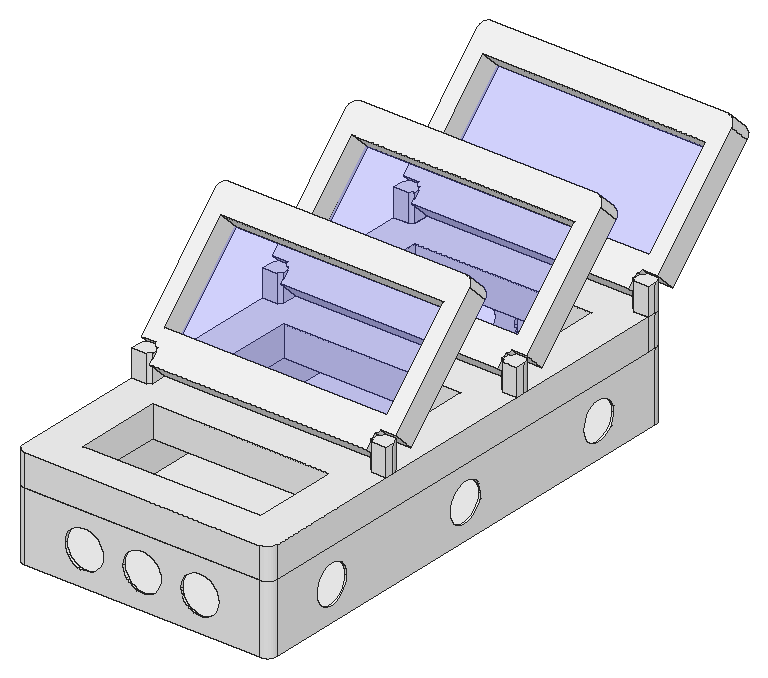
Revit family "Domotics-DomesticRanges-GEWISS-27COMBI_SYSTEM-IP55_4P+4P+4P", category Apparecchi elettrici, host Superficie, Revit 2016 (continued)
Definition of nested family "SYSTEM COMBI CONTENITORI IP55 4+4+4P_BASE"
  Automatic sketch dimensions
    plane 1 "Centro (Fronte/Retro)" to Extrusion 21 sketch curve = 17.643 mm
    plane 7 to Extrusion 21 sketch curve = 15.643 mm
    Masking region 8 sketch curve to plane 12 = 0 mm
    Masking region 8 sketch curve to plane 13 = 0 mm
    plane 4 to Masking region 8 sketch curve = 9.586 mm
    plane 4 to Masking region 8 sketch curve = 8.283 mm
    Masking region 8 sketch curve to plane 5 = 9.586 mm
    Masking region 8 sketch curve to plane 5 = 8.283 mm
    plane 7 to Masking region 8 sketch curve = 15.643 mm
    Masking region 8 sketch curve to Masking region 8 sketch curve = 3.357 mm
    plane 1 "Centro (Fronte/Retro)" to Masking region 8 sketch curve = 21 mm
    plane 1 "Centro (Fronte/Retro)" to Masking region 8 sketch curve = 9.475 mm
    plane 1 "Centro (Fronte/Retro)" to Extrusion 23 sketch curve = 0 mm
    Extrusion 23 sketch curve to plane 4 = 0 mm
    plane 1 "Centro (Fronte/Retro)" to Extrusion 23 sketch curve = 5 mm
    Extrusion 23 sketch curve to Extrusion 23 sketch curve = 2.585 mm
    Extrusion 23 sketch curve to Extrusion 23 sketch curve = 1.89 mm
    Extrusion 23 sketch curve to Extrusion 23 sketch curve = 2.696 mm
    plane 1 "Centro (Fronte/Retro)" to Extrusion 24 sketch curve = 0 mm
    Extrusion 24 sketch curve to plane 5 = 0 mm
    Extrusion 24 sketch curve to plane 1 "Centro (Fronte/Retro)" = 5 mm
    Extrusion 24 sketch curve to Extrusion 24 sketch curve = 2.585 mm
    Extrusion 24 sketch curve to Extrusion 24 sketch curve = 1.89 mm
    Extrusion 24 sketch curve to Extrusion 24 sketch curve = 2.696 mm
    Masking region 9 sketch curve to plane 7 = 0 mm
    Masking region 9 sketch curve to plane 4 = 0 mm
    Masking region 9 sketch curve to plane 5 = 0 mm
    Masking region 9 sketch curve to plane 12 = 0 mm
    Masking region 9 sketch curve to plane 13 = 0 mm
    Masking region 9 sketch curve to plane 19 = 0 mm
    Masking region 9 sketch curve to plane 7 = 5 mm
    Masking region 9 sketch curve to Masking region 9 sketch curve = 5 mm
    Masking region 9 sketch curve to plane 7 = 21 mm
    plane 19 to Masking region 9 sketch curve = 19 mm
    plane 19 to Masking region 9 sketch curve = 5 mm  (x2)
    Masking region 10 sketch curve to Masking region 10 sketch curve = 0 mm  (x4)
    Masking region 10 sketch curve to plane 4 = 0 mm
    Masking region 10 sketch curve to plane 7 = 0 mm  (x2)
    Masking region 10 sketch curve to plane 19 = 0 mm  (x2)
    Masking region 10 sketch curve to plane 12 = 0 mm  (x2)
    Masking region 10 sketch curve to plane 5 = 0 mm
    plane 4 to Masking region 10 sketch curve = 5 mm
    Masking region 10 sketch curve to Masking region 10 sketch curve = 2.696 mm
    Masking region 10 sketch curve to Masking region 10 sketch curve = 1.89 mm  (x2)
    Masking region 10 sketch curve to Masking region 10 sketch curve = 2 mm  (x2)
    plane 12 to Masking region 10 sketch curve = 2 mm
    Masking region 10 sketch curve to plane 13 = 2.004 mm
    Masking region 10 sketch curve to plane 13 = 0.004 mm  (x2)
    plane 13 to Masking region 10 sketch curve = 1.996 mm
    Masking region 10 sketch curve to plane 5 = 9.586 mm
    Masking region 10 sketch curve to Masking region 10 sketch curve = 4.586 mm
    plane 19 to Masking region 10 sketch curve = 2.753 mm
    Masking region 10 sketch curve to Masking region 10 sketch curve = 4.475 mm  (x2)
    Extrusion 25 sketch curve to plane 7 = 0 mm
    Extrusion 25 sketch curve to plane 4 = 0 mm
    Extrusion 25 sketch curve to plane 5 = 0 mm
    Extrusion 25 sketch curve to plane 19 = 0 mm
    Extrusion 25 sketch curve to Extrusion 25 sketch curve = 7.585 mm  (x2)
    Extrusion 25 sketch curve to plane 7 = 9.475 mm
    Extrusion 25 sketch curve to Extrusion 25 sketch curve = 1.89 mm
    Extrusion 25 sketch curve to Extrusion 25 sketch curve = 8.168 mm
    plane 19 to Extrusion 25 sketch curve = 15.643 mm
    plane 19 to Extrusion 25 sketch curve = 5 mm
    Extrusion 25 sketch curve to plane 5 = 5 mm
    Extrusion 25 sketch curve to Extrusion 25 sketch curve = 7.696 mm
    Extrusion 25 sketch curve to Extrusion 25 sketch curve = 0.587 mm
    Extrusion 25 sketch curve to plane 5 = 9.586 mm
    Extrusion 25 sketch curve to plane 5 = 8.283 mm
    Extrusion 26 sketch curve to plane 7 = 17.643 mm
    plane 19 to Extrusion 26 sketch curve = 15.643 mm
    Masking region 11 sketch curve to plane 13 = 0 mm
    Masking region 11 sketch curve to plane 12 = 0 mm
    Masking region 11 sketch curve to plane 7 = 21 mm
    plane 19 to Masking region 11 sketch curve = 19 mm
    Masking region 12 sketch curve to plane 12 = 0 mm
    Masking region 12 sketch curve to plane 13 = 0 mm
    plane 4 to Masking region 12 sketch curve = 9.586 mm
    plane 4 to Masking region 12 sketch curve = 8.283 mm
    Masking region 12 sketch curve to plane 5 = 9.586 mm
    Masking region 12 sketch curve to plane 5 = 8.283 mm
    plane 19 to Masking region 12 sketch curve = 15.643 mm
    Masking region 12 sketch curve to Masking region 12 sketch curve = 3.357 mm
    Masking region 12 sketch curve to plane 7 = 21 mm
    Masking region 12 sketch curve to plane 7 = 9.475 mm
    Extrusion 27 sketch curve to plane 7 = 0 mm
    Extrusion 27 sketch curve to plane 4 = 0 mm
    Extrusion 27 sketch curve to Extrusion 27 sketch curve = 5 mm
    Extrusion 27 sketch curve to Extrusion 27 sketch curve = 2.585 mm
    Extrusion 27 sketch curve to Extrusion 27 sketch curve = 1.89 mm
    Extrusion 27 sketch curve to Extrusion 27 sketch curve = 2.696 mm
    Extrusion 28 sketch curve to plane 7 = 0 mm
    Extrusion 28 sketch curve to plane 5 = 0 mm
    plane 5 to Extrusion 28 sketch curve = 5 mm
    Extrusion 28 sketch curve to Extrusion 28 sketch curve = 2.585 mm
    Extrusion 28 sketch curve to Extrusion 28 sketch curve = 1.89 mm
    Extrusion 28 sketch curve to Extrusion 28 sketch curve = 2.696 mm
    Extrusion 29 sketch curve to plane 4 = 0 mm
    Extrusion 29 sketch curve to plane 5 = 0 mm
    plane 4 to Extrusion 29 sketch curve = 9.586 mm
    Extrusion 29 sketch curve to Extrusion 29 sketch curve = 7.585 mm  (x2)
    Extrusion 29 sketch curve to Extrusion 29 sketch curve = 1.89 mm  (x2)
    Extrusion 29 sketch curve to Extrusion 29 sketch curve = 6.668 mm
    Extrusion 29 sketch curve to plane 5 = 8.283 mm
    Extrusion 29 sketch curve to Extrusion 29 sketch curve = 51.714 mm
    Extrusion 29 sketch curve to Extrusion 29 sketch curve = 9.143 mm  (x2)
    Extrusion 29 sketch curve to plane 5 = 5 mm
    Extrusion 29 sketch curve to Extrusion 29 sketch curve = 0.587 mm
    Extrusion 29 sketch curve to plane 5 = 9.586 mm
    plane 16 to Extrusion 30 sketch curve = 0 mm  (x3)
    plane 18 to Extrusion 30 sketch curve = 0.762 mm
    plane 7 to Extrusion 30 sketch curve = 41.762 mm
    plane 19 to Extrusion 30 sketch curve = 40.262 mm
    Extrusion 31 sketch curve to plane 5 = 8.283 mm
    plane 4 to Extrusion 31 sketch curve = 8.283 mm
    Extrusion 31 sketch curve to Extrusion 31 sketch curve = 51.714 mm
    curve 1 to plane 5 = 0 mm
    curve 2 to plane 6 "1" = 0 mm
    curve 2 to curve 1 = 5 mm
    curve 4 to plane 4 = 0 mm
    plane 15 to curve 6 = 3.357 mm
    curve 6 to plane 5 = 8.283 mm
    curve 7 to curve 2 = 4.475 mm
    curve 4 to curve 8 = 3.283 mm
    curve 8 to curve 4 = 4.475 mm
    curve 9 to plane 14 = 3.357 mm
    curve 8 to curve 10 = 1.303 mm
    curve 12 to curve 11 = 1.303 mm
    curve 12 to curve 14 = 0 mm  (x2)
    curve 10 to curve 16 = 0.587 mm
    curve 10 to curve 18 = 0 mm  (x2)
    curve 4 to curve 20 = 0 mm  (x2)
    curve 4 to curve 21 = 0.81 mm
    curve 22 to curve 21 = 0.44 mm
    curve 22 to curve 21 = 0.528 mm
    curve 21 to curve 22 = 0.767 mm
    curve 21 to curve 22 = 0.709 mm
    curve 23 to curve 2 = 0.587 mm
    curve 24 to curve 23 = 0.592 mm
    curve 24 to curve 23 = 0.564 mm
    curve 24 to curve 23 = 0.891 mm
    curve 24 to curve 23 = 0.872 mm
    curve 2 to curve 25 = 0 mm  (x2)
    curve 27 to plane 12 = 0 mm
    curve 28 to plane 13 = 0 mm
    plane 15 to curve 29 = 0 mm
    plane 14 to curve 29 = 0 mm
    curve 31 to curve 33 = 3 mm
    curve 33 to curve 31 = 0.247 mm
    curve 33 to curve 34 = 2 mm
    curve 34 to plane 1 "Centro (Fronte/Retro)" = 2.753 mm
    curve 34 to curve 35 = 2 mm
    curve 33 to curve 36 = 2 mm
    curve 37 to plane 3 "Centro (Sinistra/Destra)" = 8.093 mm
    curve 38 to curve 37 = 2 mm
    plane 3 "Centro (Sinistra/Destra)" to curve 39 = 8.093 mm
    curve 39 to curve 30 = 5 mm
    curve 30 to curve 39 = 1.753 mm
    curve 39 to curve 40 = 2 mm
    curve 40 to curve 39 = 2 mm  (x2)
    curve 41 to curve 41 = 0.129 mm
    curve 42 to curve 42 = 1.996 mm
    curve 42 to curve 42 = 0.129 mm
    curve 41 to curve 43 = 0.004 mm
    curve 41 to curve 43 = 0.129 mm
    curve 42 to curve 44 = 0.004 mm
    curve 42 to curve 44 = 0.129 mm
    curve 51 to curve 41 = 0.004 mm
    curve 51 to curve 41 = 0 mm
    curve 51 to curve 43 = 0.004 mm
    curve 52 to curve 42 = 0.004 mm
    curve 52 to curve 42 = 0 mm
    curve 52 to curve 44 = 0.004 mm
    plane 1 "Centro (Fronte/Retro)" to curve 56 = 0 mm
    curve 57 to plane 4 = 0 mm
    plane 4 to curve 59 = 8.283 mm
    curve 59 to plane 5 = 8.283 mm
    curve 55 to curve 59 = 10.643 mm
    curve 60 to curve 56 = 4.475 mm
    curve 62 to curve 60 = 8.168 mm
    curve 61 to curve 63 = 1.303 mm
    curve 65 to curve 64 = 1.303 mm
    curve 66 to plane 5 = 0 mm
    curve 60 to curve 66 = 0 mm
    curve 65 to curve 67 = 0 mm
    curve 63 to curve 69 = 0.587 mm
    curve 63 to curve 71 = 0 mm  (x2)
    curve 57 to curve 73 = 0 mm  (x2)
    curve 57 to curve 74 = 0.81 mm
    curve 75 to curve 74 = 0.44 mm
    curve 75 to curve 74 = 0.528 mm
    curve 74 to curve 75 = 0.767 mm
    curve 74 to curve 75 = 0.709 mm
    curve 76 to curve 56 = 0.587 mm
    curve 77 to curve 76 = 0.592 mm
    curve 77 to curve 76 = 0.564 mm
    curve 77 to curve 76 = 0.891 mm
    curve 77 to curve 76 = 0.872 mm
    curve 56 to curve 78 = 0 mm  (x2)
    curve 79 to plane 12 = 0 mm
    curve 79 to curve 62 = 3.357 mm
    curve 81 to plane 13 = 0 mm
    curve 59 to curve 81 = 3.357 mm
    curve 83 to plane 7 = 0 mm
    curve 84 to curve 86 = 3 mm
    curve 86 to curve 84 = 0.247 mm
    curve 86 to curve 87 = 2 mm
    curve 87 to curve 87 = 2.753 mm
    curve 87 to curve 88 = 2 mm
    curve 86 to curve 89 = 2 mm
    curve 90 to plane 3 "Centro (Sinistra/Destra)" = 8.093 mm
    curve 91 to curve 90 = 2 mm
    plane 3 "Centro (Sinistra/Destra)" to curve 92 = 8.093 mm
    curve 83 to curve 92 = 1.753 mm
    curve 92 to curve 93 = 2 mm
    curve 93 to curve 92 = 2.004 mm
    curve 93 to curve 92 = 2 mm
    curve 93 to curve 94 = 0.004 mm
    curve 94 to curve 94 = 2 mm
    curve 95 to curve 95 = 1.996 mm
    curve 95 to curve 95 = 0.129 mm
    curve 96 to curve 97 = 2 mm
    curve 95 to curve 97 = 0.129 mm
    curve 104 to curve 94 = 0.004 mm
    curve 104 to curve 94 = 0 mm
    curve 105 to curve 95 = 0.004 mm
    curve 105 to curve 95 = 0 mm
    curve 105 to curve 97 = 0.004 mm
    curve 107 to curve 94 = 0.004 mm
    curve 107 to curve 94 = 0 mm
    curve 111 to plane 4 = 0 mm
    curve 108 to curve 113 = 10.643 mm
    curve 114 to curve 109 = 3.283 mm
    curve 114 to curve 109 = 4.475 mm
    curve 111 to curve 115 = 3.283 mm
    curve 116 to curve 114 = 8.168 mm
    curve 115 to curve 117 = 1.303 mm
    curve 119 to curve 118 = 1.303 mm
    curve 120 to plane 5 = 0 mm
    curve 119 to curve 121 = 0 mm  (x2)
    curve 96 to curve 122 = 0.414 mm
    curve 117 to curve 123 = 0.587 mm
    curve 117 to curve 125 = 0 mm  (x2)
    curve 111 to curve 127 = 0 mm  (x2)
    curve 111 to curve 128 = 0.81 mm
    curve 129 to curve 128 = 0.44 mm
    curve 129 to curve 128 = 0.528 mm
    curve 128 to curve 129 = 0.767 mm
    curve 128 to curve 129 = 0.709 mm
    curve 130 to curve 109 = 0.587 mm
    curve 131 to curve 130 = 0.592 mm
    curve 131 to curve 130 = 0.564 mm
    curve 131 to curve 130 = 0.891 mm
    curve 131 to curve 130 = 0.872 mm
    curve 109 to curve 132 = 0 mm  (x2)
    curve 133 to plane 13 = 0 mm
    curve 133 to curve 116 = 3.357 mm
    curve 134 to plane 12 = 0 mm
    curve 113 to curve 135 = 3.357 mm
    curve 138 to curve 140 = 3 mm
    curve 140 to curve 138 = 0.247 mm
    curve 140 to curve 141 = 2 mm
    plane 19 to curve 141 = 2.753 mm
    curve 141 to curve 142 = 2 mm
    curve 140 to curve 143 = 2 mm
    curve 144 to plane 3 "Centro (Sinistra/Destra)" = 8.093 mm
    curve 145 to curve 144 = 2 mm
    plane 3 "Centro (Sinistra/Destra)" to curve 146 = 8.093 mm
    curve 146 to curve 137 = 5 mm
    curve 137 to curve 146 = 1.753 mm
    curve 146 to curve 147 = 2 mm
    curve 147 to curve 146 = 2.004 mm
    curve 147 to curve 146 = 2 mm
    curve 147 to curve 148 = 0.004 mm
    curve 148 to curve 148 = 0.129 mm
    curve 149 to curve 149 = 1.996 mm
    curve 149 to curve 149 = 0.129 mm
    curve 150 to plane 19 = 0 mm
    curve 148 to curve 150 = 0.004 mm
    curve 148 to curve 150 = 0.129 mm
    curve 149 to curve 151 = 0.004 mm
    curve 149 to curve 151 = 0.129 mm
    curve 158 to curve 148 = 0.004 mm
    curve 158 to curve 148 = 0 mm
    curve 158 to curve 150 = 0.004 mm
    curve 159 to curve 149 = 0.004 mm
    curve 159 to curve 149 = 0 mm
    curve 159 to curve 151 = 0.004 mm
    Masking region 1 sketch curve to plane 12 = 0 mm
    plane 14 to Masking region 1 sketch curve = 0 mm
    Masking region 1 sketch curve to plane 13 = 0 mm
    plane 15 to Masking region 1 sketch curve = 0 mm
    Masking region 2 sketch curve to plane 13 = 0 mm
    plane 14 to Masking region 2 sketch curve = 0 mm
    Masking region 2 sketch curve to plane 12 = 0 mm
    plane 15 to Masking region 2 sketch curve = 0 mm
    Masking region 4 sketch curve to plane 12 = 0 mm
    Masking region 4 sketch curve to plane 13 = 0 mm
    plane 15 to Masking region 4 sketch curve = 0 mm
    plane 14 to Masking region 4 sketch curve = 0 mm
    plane 4 to Masking region 4 sketch curve = 9.586 mm
    Masking region 4 sketch curve to plane 5 = 9.586 mm
    plane 15 to Masking region 4 sketch curve = 3.357 mm
    Masking region 4 sketch curve to plane 6 "1" = 9.475 mm
    radius of Extrusion 12 sketch curve = 13 mm
    radius of Extrusion 13 sketch curve = 10 mm
    radius of Extrusion 14 sketch curve = 3 mm
    radius of Extrusion 16 sketch curve = 10 mm
    radius of Extrusion 17 sketch curve = 10 mm
    radius of Extrusion 22 sketch curve = 10 mm  (x2)
    radius of Masking region 3 sketch curve = 2 mm  (x2)
    radius of Masking region 6 sketch curve = 2 mm  (x2)
    radius of Masking region 10 sketch curve = 2 mm  (x2)
    radius of Extrusion 30 sketch curve = 10 mm  (x3)
